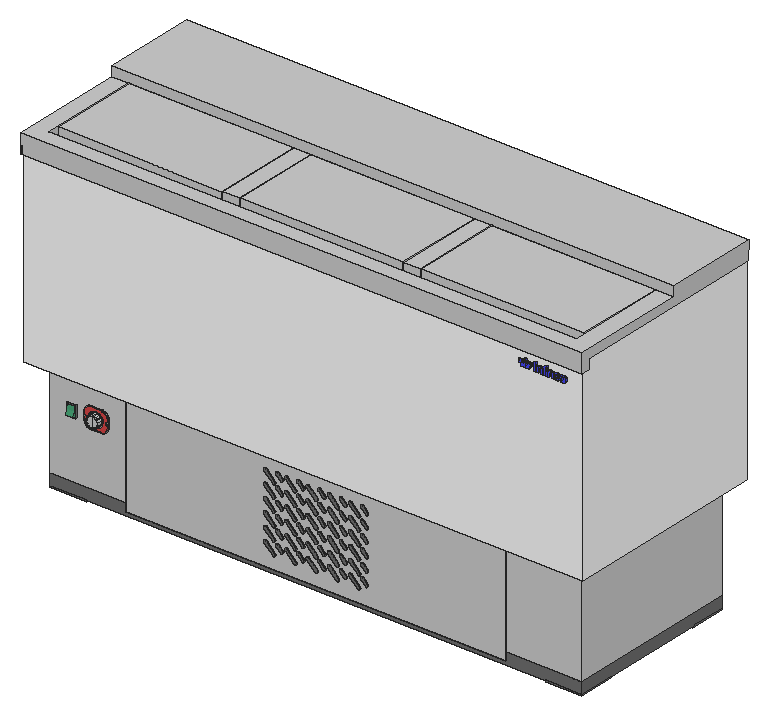
Revit family "QF_INFRICO_EFP1500EG_250806030859", category Specialty Equipment, Revit 2021
Family settings
  Round Connector Dimension = Use Diameter
  Part Type = Normal
  OmniClass Number = 23.40.40.14
  OmniClass Title = Food Service Equipment
  Work Plane-Based = No
  Always vertical = Yes
  Cut with Voids When Loaded = No
  Shared = No
  Room Calculation Point = No
Parameters (values of type "EFP1500EG")
  Weight [instance] = 73.9991 kg
  Waste Water Discharge Temperature [instance] = 0 °C
  Waste Remarks [instance] = ""
  Warranty Start Date [instance] = ""
  Warranty Duration [instance] = ""
  Volts [instance] = 230 V
  Volt Free Conn [instance] = no
  URL Recommended Spares List [instance] = ""
  URL Manufacturer [instance] = ""
  URL Cutsheet [instance] = ""
  URL Critical Spares List [instance] = ""
  URL = "www.infrico.com"
  Technical Documentation [instance] = ""
  Tag Number [instance] = ""
  Status [instance] = ""
  Start Up Current [instance] = 0 A
  Specification by User [instance] = ""
  Specification by Manufacturer [instance] = ""
  Sound Level [instance] = ""
  Show Logo [instance] = yes
  Show Clearances [instance] = yes
  Service Life Duration [instance] = ""
  Serial Number [instance] = ""
  Seismic Rating [instance] = ""
  SMACNA No [instance] = ""
  Revision Code [instance] = ""
  Revision [instance] = ""
  Production Year [instance] = ""
  Potential Equalisation [instance] = no
  Point Load [instance] = 0
  Plumbing Connection Type [instance] = ""
  Phase [instance] = 1
  Other Equipment Approvals [instance] = ""
  Operational Current [instance] = 0 A
  Number of Poles [instance] = 2
  No Load Power Draw [instance] = no
  NAFEM Spec ID Number [instance] = ""
  Model Warning [instance] = ""
  Model = "EFP1500EG"
  Min Ckt Ampacity [instance] = 0 A
  Max Overcurrent Protection [instance] = 0 A
  Masterspec [instance] = ""
  Manufacturer = "INFRICO"
  Main switch integrated [instance] = no
  Length Actual [instance] = 1479.042 mm
  Item Number [instance] = ""
  Installed By [instance] = ""
  Installation Date [instance] = ""
  Indirect Waste Size [instance] = 19.05 mm
  Indirect Waste Remarks [instance] = ""
  Indirect Waste Flow [instance] = 0.0 L/s
  Indirect Waste Connection Type [instance] = ""
  Indirect Waste Connection Height [instance] = 0 mm
  Identify Quantity as Lot [instance] = no
  ID [instance] = ""
  Hygiene Approval [instance] = ""
  Height Actual [instance] = 880.11 mm
  HP power [instance] = ""
  Furnished By [instance] = ""
  Foodservice Equipment Identifier [instance] = no
  FL Amps [instance] = 0 A
  Electrical Remarks [instance] = ""
  Electric power [instance] = 180 W
  Electric Connection Type [instance] = ""
  Elec Conn RI Height [instance] = 0 mm
  Elec Conn Connection Height [instance] = 0 mm
  ETL Approved [instance] = no
  Direct Waste Water Discharge Temperature [instance] = -273.15 °C
  Direct Waste Size [instance] = 19.05 mm
  Direct Waste RI Height [instance] = 0 mm
  Direct Waste Flow [instance] = 0.0 L/s
  Direct Waste Connection Height [instance] = 0 mm
  Description = "CHEST BOTTLE COOLER FLAT BOTTOM - PRE PAINTED STEEL - THREE DOORS - R290"
  Depth Actual [instance] = 549.91 mm
  Default Elevation = 0 mm
  Cycle [instance] = 50 Hz
  Cost = 0
  Connection to energy optimisation system [instance] = yes
  Conn Plug [instance] = ""
  Conn Conduit [instance] = no
  Centralized building control system with digital interface [instance] = ""
  CSI MasterFormat [instance] = ""
  CE Approved [instance] = no
  Barcode [instance] = 0
  Author [instance] = ""
  Asset Identifier [instance] = ""
  Apparent Power [instance] = 180 VA
  Accessory [instance] = no
Reference planes
  plane 1 "Center (Front/Back)": y = 0
  plane 2: z = 0
  plane 3 "Center (Left/Right)": x = 0
Forms (mm)
  Extrusion 1, solid, not visible
    sketch origin (94.005, -271.013, 296.014) x (1, 0, 0) y (0, 1, 0)
      loop
        line (-2, 2) -> (-2, -2) -> (2, -2) -> (2, 2) -> (-2, 2)
    from -2 to 2
  Extrusion 2, solid, not visible
    sketch origin (1319.064, -38.002, 72.004) x (1, 0, 0) y (0, 1, 0)
      loop
        line (-2, 2) -> (-2, -2) -> (2, -2) -> (2, 2) -> (-2, 2)
    from -2 to 2
Dimensions and locks
  locked: nested 2 to Extrusion 1 at 2  (x2)
  locked: nested 3 to Extrusion 2 at 2  (x2)
  aligned and locked: level to plane 2
Nested families
  nested 1: "QF_INFRICO_EFP1500EG_2920" at (0, 0, 0), type "EFP1500EG"
    with Weight 73.9991 kg, Warranty Start Date "", Warranty Duration "", URL Cutsheet "", Technical Documentation "", Tag Number "", Status "", Specification by User "", Specification by Manufacturer "", Sound Level "", Solid Fuel Type "", Show Logo yes, Show Clearances yes, Show Clearance yes, Service Life Duration "", Serial Number "", Seismic Rating "", SMACNA No "", Revision Code "", Revision "", Production Year "", Point Load 0, Other Equipment Approvals "", NAFEM Spec ID Number "", Model Warning "", Masterspec "", Length Actual 1479.042 mm, Item Number "", Installed By "", Installation Date "", Identify Quantity as Lot yes, ID "", Hygiene Approval "", Height Actual 880.11 mm, Furnished By "", Foodservice Equipment Identifier yes, Finish none, ETL Approved yes, Depth Actual 549.91 mm, CSI MasterFormat "", CE Approved no, Barcode "", Author "", Asset Identifier "", Accessory no
  nested 2: "CONN_POINT_DRAIN_2D___Generic_Annotation" at (94.005, -271.013, 294.014), type "CONN_POINT_DRAIN_2D___Generic_Annotation"
    with Onboard connection annotation symbol visibility yes
  nested 3: "CONN_POINT_ELE_2D___Generic_Annotation" at (1319.064, -38.002, 70.003), type "CONN_POINT_ELE_2D___Generic_Annotation"
    with Onboard connection annotation symbol visibility yes
Connectors
  piping at (94.005, -271.013, 294.014), diameter 19.05, driven by "Indirect Waste Size", driven by "Direct Waste Flow"
    settings: on Extrusion 1, index 1, connector inside diameter 609.6 mm, connector length 0 mm, flow factor 0, pipe flow 0.0 L/s, pressure drop 0.0 Pa, fitting loss kfactor 0, connector angle 0.00°, fixture units 0, engagement length 0 mm, angle of deflection 0.00°, flow configuration 1, flow direction 2, fitting loss method 0, system type 16, joint type 0, gender type 0, connector reference index -1, connector utility 0, adjustable connector no, is connector primary yes, connector description "Waste connection for EFP1500EG"
  electrical at (1319.064, -38.002, 70.003), driven by "Apparent Power", driven by "Number of Poles", driven by "Volts"
    settings: on Extrusion 2, index 2, voltage 230 V, apparent load 0 VA, apparent load phase1 180 VA, apparent load phase2 0 VA, apparent load phase3 0 VA, power factor 1, load classification "Other", number of poles 2, system type 31, power factor state 1, is connector primary yes, connector utility no, sub classification motor no, connector description "Electrical connection for EFP1500EG"
Definition of nested family "QF_INFRICO_EFP1500EG_2920"
  Parameters (values of type "EFP1500EG")
    Weight [instance] = 0.00 kg
    Warranty Start Date [instance] = ""
    Warranty Duration [instance] = ""
    URL Cutsheet [instance] = ""
    URL = "www.infrico.com"
    Technical Documentation [instance] = ""
    Tag Number [instance] = ""
    Status [instance] = ""
    Specification by User [instance] = ""
    Specification by Manufacturer [instance] = ""
    Sound Level [instance] = ""
    Solid Fuel Type [instance] = ""
    Show Logo [instance] = yes
    Show Clearances [instance] = yes
    Show Clearance [instance] = yes
    Service Life Duration [instance] = ""
    Serial Number [instance] = ""
    Seismic Rating [instance] = ""
    SMACNA No [instance] = ""
    Revision Code [instance] = ""
    Revision [instance] = ""
    Production Year [instance] = ""
    Point Load [instance] = 0
    Other Equipment Approvals [instance] = ""
    NAFEM Spec ID Number [instance] = ""
    Model Warning [instance] = ""
    Model = "EFP1500EG"
    Masterspec [instance] = ""
    Manufacturer = "INFRICO"
    Length Actual [instance] = 0 mm
    Item Number [instance] = ""
    Installed By [instance] = ""
    Installation Date [instance] = ""
    Identify Quantity as Lot [instance] = yes
    ID [instance] = ""
    Hygiene Approval [instance] = ""
    Height Actual [instance] = 0 mm
    Furnished By [instance] = ""
    Foodservice Equipment Identifier [instance] = yes
    Finish [instance] = none
    ETL Approved [instance] = yes
    Description = "CHEST BOTTLE COOLER FLAT BOTTOM - PRE PAINTED STEEL - THREE DOORS - R290"
    Depth Actual [instance] = 0 mm
    Default Elevation = 0 mm
    CSI MasterFormat [instance] = ""
    CE Approved [instance] = yes
    Barcode [instance] = ""
    Author [instance] = ""
    Asset Identifier [instance] = ""
    Assembly Code = "E1090320"
    Accessory [instance] = yes
  Reference planes
    plane 1 "Back": y = 0
    plane 2: z = 0
    plane 3 "Left": x = 0
    plane 4 "Right": x = 1479
    plane 5 "Front": y = -550
    plane 6 "Top": z = 880
  Forms (mm)
    Extrusion 1, solid
      sketch origin (0, 0, 0) x (0, 1, 0) y (0, 0, 1)
        loop
          line (0, 880) -> (-247, 880) -> (-247, 855) -> (0, 855) -> (0, 880)
      from 0 to 1479
    Extrusion 2, solid
      sketch origin (0, 0, 0) x (1, 0, 0) y (0, 0, 1)
        loop
          line (44, 855) -> (0, 855) -> (0, 830) -> (3, 830) -> (3, 836) -> (44, 836) -> (44, 855)
      from 0 to 510
    Extrusion 3, solid
      sketch origin (1479, 0, 0) x (-1, 0, 0) y (0, 0, -1)
        loop
          line (44, -855) -> (44, -836) -> (3, -836) -> (3, -830) -> (0, -830) -> (0, -855) -> (44, -855)
      from 0 to 510
    Extrusion 4, solid
      sketch origin (0, 0, 0) x (0, 1, 0) y (0, 0, 1)
        loop
          line (-510, 830) -> (-510, 855) -> (-550, 855) -> (-550, 830) -> (-510, 830)
      from 0 to 1479
    Extrusion 5, solid
      sketch origin (3, 0, 0) x (0, 1, 0) y (0, 0, 1)
        loop
          line (-247, 855) -> (-482, 855) -> (-482, 830) -> (-247, 830) -> (-247, 855)
      from 44 to 475
    Extrusion 6, solid
      sketch origin (0, 0, 0) x (0, 1, 0) y (0, 0, 1)
        loop
          line (0, 855) -> (-44, 855) -> (-44, 830) -> (0, 830) -> (0, 855)
      from 44 to 1435
    Extrusion 7, solid
      sketch origin (0, 0, 0) x (1, 0, 0) y (0, 0, 1)
        loop
          line (3, 830) -> (44, 830) -> (44, 836) -> (3, 836) -> (3, 830)
      from 0 to 44
    Extrusion 8, solid
      sketch origin (1432, 0, 0) x (1, 0, 0) y (0, 0, 1)
        loop
          line (3, 830) -> (44, 830) -> (44, 836) -> (3, 836) -> (3, 830)
      from 0 to 44
    Extrusion 9, solid
      sketch origin (3, 0, 0) x (0, 1, 0) y (0, 0, 1)
        loop
          line (-542, 830) -> (-542, 313) -> (-504, 313) -> (-504, 830) -> (-542, 830)
      from 0 to 1473
    Extrusion 10, solid
      sketch origin (3, 0, 0) x (0, 1, 0) y (0, 0, 1)
        loop
          line (-504, 313) -> (0, 313) -> (0, 830) -> (-504, 830) -> (-504, 313)
      from 0 to 1473
    Extrusion 11, solid
      sketch origin (39, 4, 0) x (0, 1, 0) y (0, 0, 1)
        loop
          line (-42, 313) -> (-504, 313) -> (-504, 43) -> (-42, 43) -> (-42, 313)
      from 0 to 200
    Extrusion 12, solid
      sketch origin (1240, 4, 0) x (0, 1, 0) y (0, 0, 1)
        loop
          line (-42, 313) -> (-504, 313) -> (-504, 43) -> (-42, 43) -> (-42, 313)
      from 0 to 200
    Extrusion 13, solid
      sketch origin (0, 4, 0) x (1, 0, 0) y (0, 0, 1)
        loop
          line (239, 313) -> (239, 23) -> (1240, 23) -> (1240, 313) -> (239, 313)
      from 42 to 52
    Extrusion 14, solid
      sketch origin (0, -448, 0) x (1, 0, 0) y (0, 0, 1)
        loop
          line (239, 313) -> (239, 23) -> (1240, 23) -> (1240, 313) -> (239, 313)
      from 42 to 52
    Extrusion 15, solid
      sketch origin (-961, 4, 13) x (1, 0, 0) y (0, 1, 0)
        loop
          line (1000, -42) -> (1000, -504) -> (1200, -504) -> (1200, -474) -> (1030, -474) -> (1030, -72) -> (1200, -72) -> (1200, -42) -> (1000, -42)
      from 0 to 30
    Extrusion 16, solid
      sketch origin (2440, 4, 13) x (-1, 0, 0) y (0, -1, 0)
        loop
          line (1000, 42) -> (1200, 42) -> (1200, 72) -> (1030, 72) -> (1030, 474) -> (1200, 474) -> (1200, 504) -> (1000, 504) -> (1000, 42)
      from 0 to 30
    Extrusion 17, solid
      sketch origin (-1000, 4, 0) x (1, 0, 0) y (0, 1, 0)
        loop
          line (1239, -504) -> (2240, -504) -> (2240, -494) -> (1239, -494) -> (1239, -504)
      from 13 to 23
    Extrusion 18, solid
      sketch origin (-1000, 456, 0) x (1, 0, 0) y (0, 1, 0)
        loop
          line (1239, -504) -> (2240, -504) -> (2240, -494) -> (1239, -494) -> (1239, -504)
      from 13 to 23
    Extrusion 19, solid
      sketch origin (-1000, 4, 0) x (1, 0, 0) y (0, 1, 0)
        loop
          line (1239, -72) -> (2240, -72) -> (2240, -52) -> (1239, -52) -> (1239, -72)
      from 13 to 43
    Extrusion 20, solid
      sketch origin (-1000, -418, 0) x (1, 0, 0) y (0, 1, 0)
        loop
          line (1239, -72) -> (2240, -72) -> (2240, -52) -> (1239, -52) -> (1239, -72)
      from 13 to 43
    Extrusion 21, solid
      sketch origin (39, 4, 10) x (1, 0, 0) y (0, 1, 0)
        loop
          line (0, -42) -> (0, -137) -> (95, -42) -> (0, -42)
      from 0 to 3
    Extrusion 22, solid
      sketch origin (1440, 4, 10) x (-1, 0, 0) y (0, -1, 0)
        loop
          line (0, 42) -> (95, 42) -> (0, 137) -> (0, 42)
      from 0 to 3
    Extrusion 23, solid
      sketch origin (39, -542, 10) x (1, 0, 0) y (0, 1, 0)
        loop
          line (0, 42) -> (95, 42) -> (0, 137) -> (0, 42)
      from 0 to 3
    Extrusion 24, solid
      sketch origin (1440, -542, 10) x (-1, 0, 0) y (0, -1, 0)
        loop
          line (0, -42) -> (0, -137) -> (95, -42) -> (0, -42)
      from 0 to 3
    Revolve 25, solid
      sketch origin (67, 4, 0) x (0, 1, 0) y (0, 0, 1)
        loop
          line (-70, 0) -> (-66, 0)
          arc (-66, 0) -> (-56.372, 2.368) -> (-49, 9) r 20.382
          arc (-49, 9) -> (-48.132, 9.763) -> (-47, 10) r 2.271
          line (-47, 10) -> (-70, 10) -> (-70, 0)
        axis (-70, 0) -> (-70, 10)
      angle from 0 to 360
    Revolve 26, solid
      sketch origin (1412, 4, 0) x (0, 1, 0) y (0, 0, -1)
        loop
          line (-70, 0) -> (-70, -10) -> (-47, -10)
          arc (-47, -10) -> (-48.132, -9.763) -> (-49, -9) r 2.271
          arc (-49, -9) -> (-56.372, -2.368) -> (-66, 0) r 20.382
          line (-66, 0) -> (-70, 0)
        axis (-70, 0) -> (-70, -10)
      angle from 0 to 360
    Revolve 27, solid
      sketch origin (67, -402, 0) x (0, 1, 0) y (0, 0, 1)
        loop
          line (-70, 0) -> (-66, 0)
          arc (-66, 0) -> (-56.372, 2.368) -> (-49, 9) r 20.382
          arc (-49, 9) -> (-48.132, 9.763) -> (-47, 10) r 2.271
          line (-47, 10) -> (-70, 10) -> (-70, 0)
        axis (-70, 0) -> (-70, 10)
      angle from 0 to 360
    Revolve 28, solid
      sketch origin (1412, -402, 0) x (0, 1, 0) y (0, 0, -1)
        loop
          line (-70, 0) -> (-70, -10) -> (-47, -10)
          arc (-47, -10) -> (-48.132, -9.763) -> (-49, -9) r 2.271
          arc (-49, -9) -> (-56.372, -2.368) -> (-66, 0) r 20.382
          line (-66, 0) -> (-70, 0)
        axis (-70, 0) -> (-70, -10)
      angle from 0 to 360
    Extrusion 29, solid, visible <- "Show Logo"
      sketch origin (145.682, -542, 67.214) x (1, 0, 0) y (0, 0, 1)
        loop
          line (1208.799, 696.53) -> (1208.799, 719.204) -> (1204.173, 719.204) -> (1204.173, 696.53) -> (1208.799, 696.53)
        loop
          line (1214.779, 713.006) -> (1211.283, 713.006) -> (1211.283, 696.53) -> (1215.772, 696.53) -> (1215.772, 707.832)
          arc (1215.772, 707.832) -> (1217.528, 708.741) -> (1219.417, 709.324) r 11.052
          arc (1219.417, 709.324) -> (1220.929, 708.961) -> (1221.598, 707.557) r 1.806
          line (1221.598, 707.557) -> (1221.598, 696.53) -> (1226.121, 696.53) -> (1226.121, 708.689)
          arc (1226.121, 708.689) -> (1224.637, 712.075) -> (1221.141, 713.281) r 4.607
          arc (1221.141, 713.281) -> (1218.282, 712.674) -> (1215.669, 711.361) r 11.435
          line (1215.669, 711.361) -> (1215.601, 712.184)
          arc (1215.601, 712.184) -> (1215.36, 712.765) -> (1214.779, 713.006) r 0.822
        loop
          line (1238.557, 720.102) -> (1237.306, 720.102)
          arc (1237.306, 720.102) -> (1235.052, 719.926) -> (1232.881, 719.297) r 11.103
          arc (1232.881, 719.297) -> (1230.805, 717.616) -> (1230.024, 715.062) r 4.567
          line (1230.024, 715.062) -> (1230.024, 712.909) -> (1227.351, 712.703) -> (1227.351, 709.374) -> (1230.024, 709.374) -> (1230.024, 696.53) -> (1234.547, 696.53) -> (1234.547, 709.374) -> (1238.249, 709.374) -> (1238.249, 712.938) -> (1234.547, 712.938) -> (1234.547, 714.548)
          arc (1234.547, 714.548) -> (1234.956, 715.705) -> (1236.045, 716.271) r 1.67
          line (1236.045, 716.271) -> (1237.7, 716.399)
          arc (1237.7, 716.399) -> (1238.306, 716.65) -> (1238.557, 717.255) r 0.857
          line (1238.557, 717.255) -> (1238.557, 720.102)
        loop
          line (1239.479, 713.006) -> (1239.479, 696.53) -> (1243.968, 696.53) -> (1243.968, 707.352)
          arc (1243.968, 707.352) -> (1245.873, 708.631) -> (1248.077, 709.268) r 7.435
          line (1248.077, 709.268) -> (1249.241, 709.416)
          arc (1249.241, 709.416) -> (1249.643, 709.758) -> (1249.793, 710.265) r 0.928
          line (1249.793, 710.265) -> (1249.793, 712.458)
          arc (1249.793, 712.458) -> (1249.531, 713.061) -> (1248.912, 713.28) r 0.824
          arc (1248.912, 713.28) -> (1246.197, 712.588) -> (1243.899, 710.984) r 7.833
          line (1243.899, 710.984) -> (1243.726, 713.006) -> (1239.479, 713.006)
        loop
          line (1255.495, 696.53) -> (1255.495, 713.006) -> (1251.006, 713.006) -> (1251.006, 696.53) -> (1255.495, 696.53)
        loop
          arc (1257.421, 701.327) -> (1258.567, 698.188) -> (1261.466, 696.525) r 4.873
          arc (1261.466, 696.525) -> (1264.493, 696.266) -> (1267.521, 696.525) r 17.816
          arc (1267.521, 696.525) -> (1270.575, 699.134) -> (1271.505, 703.041) r 6.481
          line (1271.505, 703.041) -> (1267.187, 703.041) -> (1267.187, 701.67)
          arc (1267.187, 701.67) -> (1266.64, 700.452) -> (1265.442, 699.865) r 1.965
          arc (1265.442, 699.865) -> (1264.547, 699.816) -> (1263.653, 699.865) r 8.196
          arc (1263.653, 699.865) -> (1262.417, 700.415) -> (1261.91, 701.67) r 1.806
          line (1261.91, 701.67) -> (1261.91, 707.9)
          arc (1261.91, 707.9) -> (1262.417, 709.155) -> (1263.653, 709.705) r 1.806
          arc (1263.653, 709.705) -> (1264.547, 709.754) -> (1265.442, 709.705) r 8.196
          arc (1265.442, 709.705) -> (1266.64, 709.118) -> (1267.187, 707.9) r 1.965
          line (1267.187, 707.9) -> (1267.187, 706.838) -> (1271.505, 706.838)
          arc (1271.505, 706.838) -> (1270.524, 710.556) -> (1267.521, 712.959) r 6.132
          arc (1267.521, 712.959) -> (1264.493, 713.294) -> (1261.466, 712.959) r 13.851
          arc (1261.466, 712.959) -> (1258.571, 711.349) -> (1257.421, 708.243) r 4.772
          line (1257.421, 708.243) -> (1257.421, 701.327)
        loop
          arc (1272.916, 701.329) -> (1273.993, 698.345) -> (1276.726, 696.734) r 4.676
          arc (1276.726, 696.734) -> (1278.515, 696.455) -> (1280.318, 696.291) r 28.371
          arc (1280.318, 696.291) -> (1282.122, 696.455) -> (1283.911, 696.734) r 28.371
          arc (1283.911, 696.734) -> (1286.644, 698.345) -> (1287.72, 701.329) r 4.676
          line (1287.72, 701.329) -> (1287.72, 708.242)
          arc (1287.72, 708.242) -> (1286.644, 711.226) -> (1283.911, 712.837) r 4.676
          arc (1283.911, 712.837) -> (1282.122, 713.116) -> (1280.318, 713.28) r 28.371
          arc (1280.318, 713.28) -> (1278.515, 713.116) -> (1276.726, 712.837) r 28.371
          arc (1276.726, 712.837) -> (1273.993, 711.226) -> (1272.916, 708.242) r 4.676
          line (1272.916, 708.242) -> (1272.916, 701.329)
        loop
          line (1277.405, 707.866) -> (1277.405, 701.705)
          arc (1277.405, 701.705) -> (1277.844, 700.556) -> (1278.936, 699.991) r 1.725
          arc (1278.936, 699.991) -> (1279.627, 699.918) -> (1280.318, 699.856) r 46.133
          arc (1280.318, 699.856) -> (1281.01, 699.918) -> (1281.701, 699.991) r 46.133
          arc (1281.701, 699.991) -> (1282.793, 700.556) -> (1283.231, 701.705) r 1.725
          line (1283.231, 701.705) -> (1283.231, 707.866)
          arc (1283.231, 707.866) -> (1282.793, 709.015) -> (1281.701, 709.58) r 1.725
          arc (1281.701, 709.58) -> (1281.01, 709.653) -> (1280.318, 709.716) r 46.133
          arc (1280.318, 709.716) -> (1279.627, 709.653) -> (1278.936, 709.58) r 46.133
          arc (1278.936, 709.58) -> (1277.844, 709.015) -> (1277.405, 707.866) r 1.725
        loop
          arc (1190.339, 696.543) -> (1191.411, 696.987) -> (1191.856, 698.059) r 1.516
          line (1191.856, 698.059) -> (1191.856, 703.891) -> (1196.035, 703.891)
          arc (1196.035, 703.891) -> (1196.79, 704.121) -> (1197.218, 704.782) r 1.147
          line (1197.218, 704.782) -> (1197.218, 706.211)
          arc (1197.218, 706.211) -> (1196.787, 707.258) -> (1195.719, 707.634) r 1.385
          line (1195.719, 707.634) -> (1194.52, 707.634) -> (1197.218, 710.332)
          arc (1197.218, 710.332) -> (1197.605, 711.266) -> (1197.218, 712.2) r 1.321
          line (1197.218, 712.2) -> (1196.495, 712.923)
          arc (1196.495, 712.923) -> (1195.54, 713.338) -> (1194.558, 712.991) r 1.422
          line (1194.558, 712.991) -> (1191.853, 710.286) -> (1191.853, 711.479)
          arc (1191.853, 711.479) -> (1191.443, 712.516) -> (1190.435, 712.992) r 1.516
          line (1190.435, 712.992) -> (1189.514, 712.992)
          arc (1189.514, 712.992) -> (1188.511, 712.514) -> (1188.103, 711.479) r 1.516
          line (1188.103, 711.479) -> (1188.103, 706.83) -> (1182.073, 701.336) -> (1182.073, 707.509) -> (1185.639, 711.075)
          arc (1185.639, 711.075) -> (1186.053, 712.073) -> (1185.639, 713.071) r 1.412
          line (1185.639, 713.071) -> (1184.987, 713.723)
          arc (1184.987, 713.723) -> (1183.939, 714.141) -> (1182.915, 713.667) r 1.428
          line (1182.915, 713.667) -> (1182.073, 712.825) -> (1182.073, 717.784)
          arc (1182.073, 717.784) -> (1181.658, 718.787) -> (1180.655, 719.203) r 1.418
          line (1180.655, 719.203) -> (1179.726, 719.203)
          arc (1179.726, 719.203) -> (1178.723, 718.787) -> (1178.308, 717.784) r 1.418
          line (1178.308, 717.784) -> (1178.308, 712.825) -> (1177.466, 713.667)
          arc (1177.466, 713.667) -> (1176.442, 714.141) -> (1175.394, 713.723) r 1.428
          line (1175.394, 713.723) -> (1174.742, 713.071)
          arc (1174.742, 713.071) -> (1174.328, 712.073) -> (1174.742, 711.075) r 1.412
          line (1174.742, 711.075) -> (1178.308, 707.509) -> (1178.308, 701.336) -> (1172.278, 706.83) -> (1172.278, 711.479)
          arc (1172.278, 711.479) -> (1171.87, 712.514) -> (1170.867, 712.992) r 1.516
          line (1170.867, 712.992) -> (1169.946, 712.992)
          arc (1169.946, 712.992) -> (1168.938, 712.516) -> (1168.528, 711.479) r 1.516
          line (1168.528, 711.479) -> (1168.528, 710.286) -> (1165.823, 712.991)
          arc (1165.823, 712.991) -> (1164.841, 713.338) -> (1163.886, 712.923) r 1.422
          line (1163.886, 712.923) -> (1163.163, 712.2)
          arc (1163.163, 712.2) -> (1162.776, 711.266) -> (1163.163, 710.332) r 1.321
          line (1163.163, 710.332) -> (1165.861, 707.634) -> (1164.662, 707.634)
          arc (1164.662, 707.634) -> (1163.594, 707.258) -> (1163.163, 706.211) r 1.385
          line (1163.163, 706.211) -> (1163.163, 704.782)
          arc (1163.163, 704.782) -> (1163.591, 704.121) -> (1164.346, 703.891) r 1.147
          line (1164.346, 703.891) -> (1168.525, 703.891) -> (1168.525, 698.059)
          arc (1168.525, 698.059) -> (1168.969, 696.987) -> (1170.042, 696.543) r 1.516
          line (1170.042, 696.543) -> (1190.339, 696.543)
      from 0 to 2
    Extrusion 30, solid
      sketch origin (106, -500, 1257.457) x (0, -1, 0) y (0, 0, 1)
        loop
          line (0, -1056.457) -> (2, -1056.457)
          arc (2, -1056.457) -> (5.042, -1056.207) -> (8.002, -1055.466) r 18.678
          arc (8.002, -1055.466) -> (4.242, -1043.724) -> (3, -1031.457) r 59.104
          line (3, -1031.457) -> (0, -1031.457) -> (0, -1056.457)
      from 0 to 19
    Extrusion 31, solid
      sketch origin (106, -502, 1257.457) x (-1, 0, 0) y (0, 0, 1)
        loop
          line (22, -1028.457) -> (-3, -1028.457) -> (-3, -1059.457) -> (22, -1059.457) -> (22, -1028.457)
      from 0 to 2
    Extrusion 32, solid
      sketch origin (-20.187, -500, 114.047) x (1, 0, 0) y (0, 0, 1)
        loop
          line (169.187, 71.953) -> (194.187, 71.953)
          arc (194.187, 71.953) -> (208.329, 77.811) -> (214.187, 91.953) r 20
          line (214.187, 91.953) -> (214.187, 106.953)
          arc (214.187, 106.953) -> (208.329, 121.095) -> (194.187, 126.953) r 20
          line (194.187, 126.953) -> (169.187, 126.953)
          arc (169.187, 126.953) -> (155.045, 121.095) -> (149.187, 106.953) r 20
          line (149.187, 106.953) -> (149.187, 91.953)
          arc (149.187, 91.953) -> (155.045, 77.811) -> (169.187, 71.953) r 20
      from 0 to 2
    Extrusion 33, solid
      sketch origin (-20.187, -500.1, 114.047) x (1, 0, 0) y (0, 0, 1)
        loop
          arc (169.187, 124.953) -> (156.459, 119.681) -> (151.187, 106.953) r 18
          line (151.187, 106.953) -> (151.187, 103.953)
          arc (151.187, 103.953) -> (155.687, 99.453) -> (151.187, 94.953) r 4.5
          line (151.187, 94.953) -> (151.187, 91.953)
          arc (151.187, 91.953) -> (156.459, 79.225) -> (169.187, 73.953) r 18
          line (169.187, 73.953) -> (194.187, 73.953)
          arc (194.187, 73.953) -> (206.915, 79.225) -> (212.187, 91.953) r 18
          line (212.187, 91.953) -> (212.187, 94.953)
          arc (212.187, 94.953) -> (207.687, 99.453) -> (212.187, 103.953) r 4.5
          line (212.187, 103.953) -> (212.187, 106.953)
          arc (212.187, 106.953) -> (206.915, 119.681) -> (194.187, 124.953) r 18
          line (194.187, 124.953) -> (169.187, 124.953)
        loop
          circle (181.687, 99.453) r 20
      from 0 to 2
    Revolve 34, solid
      sketch origin (161.5, 4, 91.547) x (0, 1, 0) y (0, 0, 1)
        loop
          line (-506, 126.953) -> (-508, 126.953) -> (-508, 137.953) -> (-519, 135.953) -> (-519, 121.953) -> (-506, 121.953) -> (-506, 126.953)
        axis (-506, 121.953) -> (-519, 121.953)
      angle from 0 to 360
    Extrusion 35, solid
      sketch origin (-13.5, 4, 14.5) x (1, 0, 0) y (0, 0, 1)
        loop
          arc (172.5, 212.775) -> (175, 213) -> (177.5, 212.775) r 14
          line (177.5, 212.775) -> (177.5, 214.803)
          arc (177.5, 214.803) -> (175, 215) -> (172.5, 214.803) r 16
          line (172.5, 214.803) -> (172.5, 212.775)
        loop
          line (172.5, 185.225) -> (172.5, 183.197)
          arc (172.5, 183.197) -> (175, 183) -> (177.5, 183.197) r 16
          line (177.5, 183.197) -> (177.5, 185.225)
          arc (177.5, 185.225) -> (175, 185) -> (172.5, 185.225) r 14
        loop
          arc (161.225, 196.5) -> (161, 199) -> (161.225, 201.5) r 14
          line (161.225, 201.5) -> (159.197, 201.5)
          arc (159.197, 201.5) -> (159, 199) -> (159.197, 196.5) r 16
          line (159.197, 196.5) -> (161.225, 196.5)
        loop
          line (188.775, 196.5) -> (190.803, 196.5)
          arc (190.803, 196.5) -> (191, 199) -> (190.803, 201.5) r 16
          line (190.803, 201.5) -> (188.775, 201.5)
          arc (188.775, 201.5) -> (189, 199) -> (188.775, 196.5) r 14
        loop
          arc (182.973, 210.508) -> (184.899, 208.899) -> (186.508, 206.973) r 14
          line (186.508, 206.973) -> (187.943, 208.407)
          arc (187.943, 208.407) -> (186.314, 210.314) -> (184.407, 211.943) r 16
          line (184.407, 211.943) -> (182.973, 210.508)
        loop
          line (163.492, 191.027) -> (162.057, 189.593)
          arc (162.057, 189.593) -> (163.686, 187.686) -> (165.593, 186.057) r 16
          line (165.593, 186.057) -> (167.027, 187.492)
          arc (167.027, 187.492) -> (165.101, 189.101) -> (163.492, 191.027) r 14
        loop
          arc (163.492, 206.973) -> (165.101, 208.899) -> (167.027, 210.508) r 14
          line (167.027, 210.508) -> (165.593, 211.943)
          arc (165.593, 211.943) -> (163.686, 210.314) -> (162.057, 208.407) r 16
          line (162.057, 208.407) -> (163.492, 206.973)
        loop
          line (182.973, 187.492) -> (184.407, 186.057)
          arc (184.407, 186.057) -> (186.314, 187.686) -> (187.943, 189.593) r 16
          line (187.943, 189.593) -> (186.508, 191.027)
          arc (186.508, 191.027) -> (184.899, 189.101) -> (182.973, 187.492) r 14
      from 508 to 519
    Extrusion 36, solid
      sketch origin (1813.844, -500.1, 72.143) x (-1, 0, 0) y (0, 0, 1)
        loop
          line (1188.944, -17.063) -> (1210.865, 4.857)
          arc (1210.865, 4.857) -> (1210.865, 11.221) -> (1204.501, 11.221) r 4.5
          line (1204.501, 11.221) -> (1182.58, -10.699)
          arc (1182.58, -10.699) -> (1182.58, -17.063) -> (1188.944, -17.063) r 4.5
        loop
          line (1168.187, -4.093) -> (1179.501, 7.221)
          arc (1179.501, 7.221) -> (1179.501, 13.585) -> (1173.137, 13.585) r 4.5
          line (1173.137, 13.585) -> (1161.823, 2.271)
          arc (1161.823, 2.271) -> (1161.823, -4.093) -> (1168.187, -4.093) r 4.5
        loop
          line (1188.944, 16.937) -> (1210.865, 38.857)
          arc (1210.865, 38.857) -> (1210.865, 45.221) -> (1204.501, 45.221) r 4.5
          line (1204.501, 45.221) -> (1182.58, 23.301)
          arc (1182.58, 23.301) -> (1182.58, 16.937) -> (1188.944, 16.937) r 4.5
        loop
          line (1168.187, 29.907) -> (1179.501, 41.221)
          arc (1179.501, 41.221) -> (1179.501, 47.585) -> (1173.137, 47.585) r 4.5
          line (1173.137, 47.585) -> (1161.823, 36.271)
          arc (1161.823, 36.271) -> (1161.823, 29.907) -> (1168.187, 29.907) r 4.5
        loop
          line (1188.944, 50.937) -> (1210.865, 72.857)
          arc (1210.865, 72.857) -> (1210.865, 79.221) -> (1204.501, 79.221) r 4.5
          line (1204.501, 79.221) -> (1182.58, 57.301)
          arc (1182.58, 57.301) -> (1182.58, 50.937) -> (1188.944, 50.937) r 4.5
        loop
          line (1168.187, 63.907) -> (1179.501, 75.221)
          arc (1179.501, 75.221) -> (1179.501, 81.585) -> (1173.137, 81.585) r 4.5
          line (1173.137, 81.585) -> (1161.823, 70.271)
          arc (1161.823, 70.271) -> (1161.823, 63.907) -> (1168.187, 63.907) r 4.5
        loop
          line (1188.944, 84.937) -> (1210.865, 106.857)
          arc (1210.865, 106.857) -> (1210.865, 113.221) -> (1204.501, 113.221) r 4.5
          line (1204.501, 113.221) -> (1182.58, 91.301)
          arc (1182.58, 91.301) -> (1182.58, 84.937) -> (1188.944, 84.937) r 4.5
        loop
          line (1168.187, 97.907) -> (1179.501, 109.221)
          arc (1179.501, 109.221) -> (1179.501, 115.585) -> (1173.137, 115.585) r 4.5
          line (1173.137, 115.585) -> (1161.823, 104.271)
          arc (1161.823, 104.271) -> (1161.823, 97.907) -> (1168.187, 97.907) r 4.5
        loop
          line (1188.944, 118.937) -> (1210.865, 140.857)
          arc (1210.865, 140.857) -> (1210.865, 147.221) -> (1204.501, 147.221) r 4.5
          line (1204.501, 147.221) -> (1182.58, 125.301)
          arc (1182.58, 125.301) -> (1182.58, 118.937) -> (1188.944, 118.937) r 4.5
        loop
          line (1168.187, 131.907) -> (1179.501, 143.221)
          arc (1179.501, 143.221) -> (1179.501, 149.585) -> (1173.137, 149.585) r 4.5
          line (1173.137, 149.585) -> (1161.823, 138.271)
          arc (1161.823, 138.271) -> (1161.823, 131.907) -> (1168.187, 131.907) r 4.5
        loop
          line (1188.944, 152.937) -> (1210.865, 174.857)
          arc (1210.865, 174.857) -> (1210.865, 181.221) -> (1204.501, 181.221) r 4.5
          line (1204.501, 181.221) -> (1182.58, 159.301)
          arc (1182.58, 159.301) -> (1182.58, 152.937) -> (1188.944, 152.937) r 4.5
        loop
          line (1168.187, 165.907) -> (1179.501, 177.221)
          arc (1179.501, 177.221) -> (1179.501, 183.585) -> (1173.137, 183.585) r 4.5
          line (1173.137, 183.585) -> (1161.823, 172.271)
          arc (1161.823, 172.271) -> (1161.823, 165.907) -> (1168.187, 165.907) r 4.5
        loop
          line (1132.944, -17.063) -> (1154.865, 4.857)
          arc (1154.865, 4.857) -> (1154.865, 11.221) -> (1148.501, 11.221) r 4.5
          line (1148.501, 11.221) -> (1126.58, -10.699)
          arc (1126.58, -10.699) -> (1126.58, -17.063) -> (1132.944, -17.063) r 4.5
        loop
          line (1112.187, -4.093) -> (1123.501, 7.221)
          arc (1123.501, 7.221) -> (1123.501, 13.585) -> (1117.137, 13.585) r 4.5
          line (1117.137, 13.585) -> (1105.823, 2.271)
          arc (1105.823, 2.271) -> (1105.823, -4.093) -> (1112.187, -4.093) r 4.5
        loop
          line (1132.944, 16.937) -> (1154.865, 38.857)
          arc (1154.865, 38.857) -> (1154.865, 45.221) -> (1148.501, 45.221) r 4.5
          line (1148.501, 45.221) -> (1126.58, 23.301)
          arc (1126.58, 23.301) -> (1126.58, 16.937) -> (1132.944, 16.937) r 4.5
        loop
          line (1112.187, 29.907) -> (1123.501, 41.221)
          arc (1123.501, 41.221) -> (1123.501, 47.585) -> (1117.137, 47.585) r 4.5
          line (1117.137, 47.585) -> (1105.823, 36.271)
          arc (1105.823, 36.271) -> (1105.823, 29.907) -> (1112.187, 29.907) r 4.5
        loop
          line (1132.944, 50.937) -> (1154.865, 72.857)
          arc (1154.865, 72.857) -> (1154.865, 79.221) -> (1148.501, 79.221) r 4.5
          line (1148.501, 79.221) -> (1126.58, 57.301)
          arc (1126.58, 57.301) -> (1126.58, 50.937) -> (1132.944, 50.937) r 4.5
        loop
          line (1112.187, 63.907) -> (1123.501, 75.221)
          arc (1123.501, 75.221) -> (1123.501, 81.585) -> (1117.137, 81.585) r 4.5
          line (1117.137, 81.585) -> (1105.823, 70.271)
          arc (1105.823, 70.271) -> (1105.823, 63.907) -> (1112.187, 63.907) r 4.5
        loop
          line (1132.944, 84.937) -> (1154.865, 106.857)
          arc (1154.865, 106.857) -> (1154.865, 113.221) -> (1148.501, 113.221) r 4.5
          line (1148.501, 113.221) -> (1126.58, 91.301)
          arc (1126.58, 91.301) -> (1126.58, 84.937) -> (1132.944, 84.937) r 4.5
        loop
          line (1112.187, 97.907) -> (1123.501, 109.221)
          arc (1123.501, 109.221) -> (1123.501, 115.585) -> (1117.137, 115.585) r 4.5
          line (1117.137, 115.585) -> (1105.823, 104.271)
          arc (1105.823, 104.271) -> (1105.823, 97.907) -> (1112.187, 97.907) r 4.5
        loop
          line (1132.944, 118.937) -> (1154.865, 140.857)
          arc (1154.865, 140.857) -> (1154.865, 147.221) -> (1148.501, 147.221) r 4.5
          line (1148.501, 147.221) -> (1126.58, 125.301)
          arc (1126.58, 125.301) -> (1126.58, 118.937) -> (1132.944, 118.937) r 4.5
        loop
          line (1112.187, 131.907) -> (1123.501, 143.221)
          arc (1123.501, 143.221) -> (1123.501, 149.585) -> (1117.137, 149.585) r 4.5
          line (1117.137, 149.585) -> (1105.823, 138.271)
          arc (1105.823, 138.271) -> (1105.823, 131.907) -> (1112.187, 131.907) r 4.5
        loop
          line (1132.944, 152.937) -> (1154.865, 174.857)
          arc (1154.865, 174.857) -> (1154.865, 181.221) -> (1148.501, 181.221) r 4.5
          line (1148.501, 181.221) -> (1126.58, 159.301)
          arc (1126.58, 159.301) -> (1126.58, 152.937) -> (1132.944, 152.937) r 4.5
        loop
          line (1112.187, 165.907) -> (1123.501, 177.221)
          arc (1123.501, 177.221) -> (1123.501, 183.585) -> (1117.137, 183.585) r 4.5
          line (1117.137, 183.585) -> (1105.823, 172.271)
          arc (1105.823, 172.271) -> (1105.823, 165.907) -> (1112.187, 165.907) r 4.5
        loop
          line (1076.944, -17.063) -> (1098.865, 4.857)
          arc (1098.865, 4.857) -> (1098.865, 11.221) -> (1092.501, 11.221) r 4.5
          line (1092.501, 11.221) -> (1070.58, -10.699)
          arc (1070.58, -10.699) -> (1070.58, -17.063) -> (1076.944, -17.063) r 4.5
        loop
          line (1056.187, -4.093) -> (1067.501, 7.221)
          arc (1067.501, 7.221) -> (1067.501, 13.585) -> (1061.137, 13.585) r 4.5
          line (1061.137, 13.585) -> (1049.823, 2.271)
          arc (1049.823, 2.271) -> (1049.823, -4.093) -> (1056.187, -4.093) r 4.5
        loop
          line (1076.944, 16.937) -> (1098.865, 38.857)
          arc (1098.865, 38.857) -> (1098.865, 45.221) -> (1092.501, 45.221) r 4.5
          line (1092.501, 45.221) -> (1070.58, 23.301)
          arc (1070.58, 23.301) -> (1070.58, 16.937) -> (1076.944, 16.937) r 4.5
        loop
          line (1056.187, 29.907) -> (1067.501, 41.221)
          arc (1067.501, 41.221) -> (1067.501, 47.585) -> (1061.137, 47.585) r 4.5
          line (1061.137, 47.585) -> (1049.823, 36.271)
          arc (1049.823, 36.271) -> (1049.823, 29.907) -> (1056.187, 29.907) r 4.5
        loop
          line (1076.944, 50.937) -> (1098.865, 72.857)
          arc (1098.865, 72.857) -> (1098.865, 79.221) -> (1092.501, 79.221) r 4.5
          line (1092.501, 79.221) -> (1070.58, 57.301)
          arc (1070.58, 57.301) -> (1070.58, 50.937) -> (1076.944, 50.937) r 4.5
        loop
          line (1056.187, 63.907) -> (1067.501, 75.221)
          arc (1067.501, 75.221) -> (1067.501, 81.585) -> (1061.137, 81.585) r 4.5
          line (1061.137, 81.585) -> (1049.823, 70.271)
          arc (1049.823, 70.271) -> (1049.823, 63.907) -> (1056.187, 63.907) r 4.5
        loop
          line (1076.944, 84.937) -> (1098.865, 106.857)
          arc (1098.865, 106.857) -> (1098.865, 113.221) -> (1092.501, 113.221) r 4.5
          line (1092.501, 113.221) -> (1070.58, 91.301)
          arc (1070.58, 91.301) -> (1070.58, 84.937) -> (1076.944, 84.937) r 4.5
        loop
          line (1056.187, 97.907) -> (1067.501, 109.221)
          arc (1067.501, 109.221) -> (1067.501, 115.585) -> (1061.137, 115.585) r 4.5
          line (1061.137, 115.585) -> (1049.823, 104.271)
          arc (1049.823, 104.271) -> (1049.823, 97.907) -> (1056.187, 97.907) r 4.5
        loop
          line (1076.944, 118.937) -> (1098.865, 140.857)
          arc (1098.865, 140.857) -> (1098.865, 147.221) -> (1092.501, 147.221) r 4.5
          line (1092.501, 147.221) -> (1070.58, 125.301)
          arc (1070.58, 125.301) -> (1070.58, 118.937) -> (1076.944, 118.937) r 4.5
        loop
          line (1056.187, 131.907) -> (1067.501, 143.221)
          arc (1067.501, 143.221) -> (1067.501, 149.585) -> (1061.137, 149.585) r 4.5
          line (1061.137, 149.585) -> (1049.823, 138.271)
          arc (1049.823, 138.271) -> (1049.823, 131.907) -> (1056.187, 131.907) r 4.5
        loop
          line (1076.944, 152.937) -> (1098.865, 174.857)
          arc (1098.865, 174.857) -> (1098.865, 181.221) -> (1092.501, 181.221) r 4.5
          line (1092.501, 181.221) -> (1070.58, 159.301)
          arc (1070.58, 159.301) -> (1070.58, 152.937) -> (1076.944, 152.937) r 4.5
        loop
          line (1056.187, 165.907) -> (1067.501, 177.221)
          arc (1067.501, 177.221) -> (1067.501, 183.585) -> (1061.137, 183.585) r 4.5
          line (1061.137, 183.585) -> (1049.823, 172.271)
          arc (1049.823, 172.271) -> (1049.823, 165.907) -> (1056.187, 165.907) r 4.5
        loop
          line (1020.944, -17.063) -> (1042.865, 4.857)
          arc (1042.865, 4.857) -> (1042.865, 11.221) -> (1036.501, 11.221) r 4.5
          line (1036.501, 11.221) -> (1014.58, -10.699)
          arc (1014.58, -10.699) -> (1014.58, -17.063) -> (1020.944, -17.063) r 4.5
        loop
          line (1000.187, -4.093) -> (1011.501, 7.221)
          arc (1011.501, 7.221) -> (1011.501, 13.585) -> (1005.137, 13.585) r 4.5
          line (1005.137, 13.585) -> (993.823, 2.271)
          arc (993.823, 2.271) -> (993.823, -4.093) -> (1000.187, -4.093) r 4.5
        loop
          line (1020.944, 16.937) -> (1042.865, 38.857)
          arc (1042.865, 38.857) -> (1042.865, 45.221) -> (1036.501, 45.221) r 4.5
          line (1036.501, 45.221) -> (1014.58, 23.301)
          arc (1014.58, 23.301) -> (1014.58, 16.937) -> (1020.944, 16.937) r 4.5
        loop
          line (1000.187, 29.907) -> (1011.501, 41.221)
          arc (1011.501, 41.221) -> (1011.501, 47.585) -> (1005.137, 47.585) r 4.5
          line (1005.137, 47.585) -> (993.823, 36.271)
          arc (993.823, 36.271) -> (993.823, 29.907) -> (1000.187, 29.907) r 4.5
        loop
          line (1020.944, 50.937) -> (1042.865, 72.857)
          arc (1042.865, 72.857) -> (1042.865, 79.221) -> (1036.501, 79.221) r 4.5
          line (1036.501, 79.221) -> (1014.58, 57.301)
          arc (1014.58, 57.301) -> (1014.58, 50.937) -> (1020.944, 50.937) r 4.5
        loop
          line (1000.187, 63.907) -> (1011.501, 75.221)
          arc (1011.501, 75.221) -> (1011.501, 81.585) -> (1005.137, 81.585) r 4.5
          line (1005.137, 81.585) -> (993.823, 70.271)
          arc (993.823, 70.271) -> (993.823, 63.907) -> (1000.187, 63.907) r 4.5
        loop
          line (1020.944, 84.937) -> (1042.865, 106.857)
          arc (1042.865, 106.857) -> (1042.865, 113.221) -> (1036.501, 113.221) r 4.5
          line (1036.501, 113.221) -> (1014.58, 91.301)
          arc (1014.58, 91.301) -> (1014.58, 84.937) -> (1020.944, 84.937) r 4.5
        loop
          line (1000.187, 97.907) -> (1011.501, 109.221)
          arc (1011.501, 109.221) -> (1011.501, 115.585) -> (1005.137, 115.585) r 4.5
          line (1005.137, 115.585) -> (993.823, 104.271)
          arc (993.823, 104.271) -> (993.823, 97.907) -> (1000.187, 97.907) r 4.5
        loop
          line (1020.944, 118.937) -> (1042.865, 140.857)
          arc (1042.865, 140.857) -> (1042.865, 147.221) -> (1036.501, 147.221) r 4.5
          line (1036.501, 147.221) -> (1014.58, 125.301)
          arc (1014.58, 125.301) -> (1014.58, 118.937) -> (1020.944, 118.937) r 4.5
        loop
          line (1000.187, 131.907) -> (1011.501, 143.221)
          arc (1011.501, 143.221) -> (1011.501, 149.585) -> (1005.137, 149.585) r 4.5
          line (1005.137, 149.585) -> (993.823, 138.271)
          arc (993.823, 138.271) -> (993.823, 131.907) -> (1000.187, 131.907) r 4.5
        loop
          line (1020.944, 152.937) -> (1042.865, 174.857)
          arc (1042.865, 174.857) -> (1042.865, 181.221) -> (1036.501, 181.221) r 4.5
          line (1036.501, 181.221) -> (1014.58, 159.301)
          arc (1014.58, 159.301) -> (1014.58, 152.937) -> (1020.944, 152.937) r 4.5
        loop
          line (1000.187, 165.907) -> (1011.501, 177.221)
          arc (1011.501, 177.221) -> (1011.501, 183.585) -> (1005.137, 183.585) r 4.5
          line (1005.137, 183.585) -> (993.823, 172.271)
          arc (993.823, 172.271) -> (993.823, 165.907) -> (1000.187, 165.907) r 4.5
        loop
          line (964.944, -17.063) -> (986.865, 4.857)
          arc (986.865, 4.857) -> (986.865, 11.221) -> (980.501, 11.221) r 4.5
          line (980.501, 11.221) -> (958.58, -10.699)
          arc (958.58, -10.699) -> (958.58, -17.063) -> (964.944, -17.063) r 4.5
        loop
          line (944.187, -4.093) -> (955.501, 7.221)
          arc (955.501, 7.221) -> (955.501, 13.585) -> (949.137, 13.585) r 4.5
          line (949.137, 13.585) -> (937.823, 2.271)
          arc (937.823, 2.271) -> (937.823, -4.093) -> (944.187, -4.093) r 4.5
        loop
          line (964.944, 16.937) -> (986.865, 38.857)
          arc (986.865, 38.857) -> (986.865, 45.221) -> (980.501, 45.221) r 4.5
          line (980.501, 45.221) -> (958.58, 23.301)
          arc (958.58, 23.301) -> (958.58, 16.937) -> (964.944, 16.937) r 4.5
        loop
          line (944.187, 29.907) -> (955.501, 41.221)
          arc (955.501, 41.221) -> (955.501, 47.585) -> (949.137, 47.585) r 4.5
          line (949.137, 47.585) -> (937.823, 36.271)
          arc (937.823, 36.271) -> (937.823, 29.907) -> (944.187, 29.907) r 4.5
        loop
          line (964.944, 50.937) -> (986.865, 72.857)
          arc (986.865, 72.857) -> (986.865, 79.221) -> (980.501, 79.221) r 4.5
          line (980.501, 79.221) -> (958.58, 57.301)
          arc (958.58, 57.301) -> (958.58, 50.937) -> (964.944, 50.937) r 4.5
        loop
          line (944.187, 63.907) -> (955.501, 75.221)
          arc (955.501, 75.221) -> (955.501, 81.585) -> (949.137, 81.585) r 4.5
          line (949.137, 81.585) -> (937.823, 70.271)
          arc (937.823, 70.271) -> (937.823, 63.907) -> (944.187, 63.907) r 4.5
        loop
          line (964.944, 84.937) -> (986.865, 106.857)
          arc (986.865, 106.857) -> (986.865, 113.221) -> (980.501, 113.221) r 4.5
          line (980.501, 113.221) -> (958.58, 91.301)
          arc (958.58, 91.301) -> (958.58, 84.937) -> (964.944, 84.937) r 4.5
        loop
          line (944.187, 97.907) -> (955.501, 109.221)
          arc (955.501, 109.221) -> (955.501, 115.585) -> (949.137, 115.585) r 4.5
          line (949.137, 115.585) -> (937.823, 104.271)
          arc (937.823, 104.271) -> (937.823, 97.907) -> (944.187, 97.907) r 4.5
        loop
          line (964.944, 118.937) -> (986.865, 140.857)
          arc (986.865, 140.857) -> (986.865, 147.221) -> (980.501, 147.221) r 4.5
          line (980.501, 147.221) -> (958.58, 125.301)
          arc (958.58, 125.301) -> (958.58, 118.937) -> (964.944, 118.937) r 4.5
        loop
          line (944.187, 131.907) -> (955.501, 143.221)
          arc (955.501, 143.221) -> (955.501, 149.585) -> (949.137, 149.585) r 4.5
          line (949.137, 149.585) -> (937.823, 138.271)
          arc (937.823, 138.271) -> (937.823, 131.907) -> (944.187, 131.907) r 4.5
        loop
          line (964.944, 152.937) -> (986.865, 174.857)
          arc (986.865, 174.857) -> (986.865, 181.221) -> (980.501, 181.221) r 4.5
          line (980.501, 181.221) -> (958.58, 159.301)
          arc (958.58, 159.301) -> (958.58, 152.937) -> (964.944, 152.937) r 4.5
        loop
          line (944.187, 165.907) -> (955.501, 177.221)
          arc (955.501, 177.221) -> (955.501, 183.585) -> (949.137, 183.585) r 4.5
          line (949.137, 183.585) -> (937.823, 172.271)
          arc (937.823, 172.271) -> (937.823, 165.907) -> (944.187, 165.907) r 4.5
      from 0 to 2
    Extrusion 37, solid
      sketch origin (-1000, 0, 0) x (1, 0, 0) y (0, 1, 0)
        loop
          line (1000, -550) -> (2479, -550) -> (2479, -525) -> (2476, -525) -> (2476, -548) -> (1003, -548) -> (1003, -525) -> (1000, -525) -> (1000, -550)
      from 805 to 830
    Extrusion 38, solid
      sketch origin (999, 0, 0) x (0, 1, 0) y (0, 0, -1)
        loop
          line (-247, -855) -> (-247, -830) -> (-482, -830) -> (-482, -855) -> (-247, -855)
      from 44 to 475
    Extrusion 39, solid
      sketch origin (-1, 0, 0) x (1, 0, 0) y (0, 1, 0)
        loop
          line (480, -247) -> (480, -482) -> (524, -482) -> (524, -247) -> (480, -247)
      from 830 to 855
    Extrusion 40, solid
      sketch origin (1476, 0, 0) x (0, 1, 0) y (0, 0, -1)
        loop
          line (-247, -855) -> (-247, -830) -> (-482, -830) -> (-482, -855) -> (-247, -855)
      from 44 to 475
    Extrusion 41, solid
      sketch origin (476, 0, 0) x (1, 0, 0) y (0, 1, 0)
        loop
          line (480, -247) -> (480, -482) -> (524, -482) -> (524, -247) -> (480, -247)
      from 830 to 855
    Extrusion 42, solid
      sketch origin (0, 0, 0) x (0, 1, 0) y (0, 0, 1)
        loop
          line (-48, 313) -> (-490, 313) -> (-490, 294) -> (-48, 294) -> (-48, 313)
      from 239 to 1240
  Cuts and joins
    joined: Extrusion 15, Extrusion 16, Extrusion 17, Extrusion 18, Extrusion 19, Extrusion 20
    joined: Extrusion 9, Extrusion 10
    joined: Extrusion 1, Extrusion 2, Extrusion 3, Extrusion 4, Extrusion 6, Extrusion 7, Extrusion 8, Extrusion 37
  Lines and regions (mm)
    symbolic lines
      curve 1: line (0, 0, 0) -> (1479, 0, 0)
      curve 2: line (0, -550, 0) -> (0, 0, 0)
      curve 3: line (1479, -550, 0) -> (0, -550, 0)
      curve 4: line (1479, 0, 0) -> (1479, -550, 0)
      curve 5: line (0, -247, 0) -> (1479, -247, 0)
      curve 6: line (1479, -510, 0) -> (0, -510, 0)
      curve 7: line (44, -510, 0) -> (44, -247, 0)
      curve 8: line (1435, -247, 0) -> (1435, -510, 0)
      curve 9: line (44, -482, 0) -> (1435, -482, 0)
      curve 10: line (44, -504, 0) -> (1435, -504, 0)
      curve 11: line (479, -247, 0) -> (479, -482, 0)
      curve 12: line (523, -482, 0) -> (523, -247, 0)
      curve 13: line (524, -247, 0) -> (524, -482, 0)
      curve 14: line (478, -482, 0) -> (478, -247, 0)
      curve 15: line (47, -247, 0) -> (47, -482, 0)
      curve 16: line (955, -247, 0) -> (955, -482, 0)
      curve 17: line (956, -247, 0) -> (956, -482, 0)
      curve 18: line (1000, -482, 0) -> (1000, -247, 0)
      curve 19: line (1001, -247, 0) -> (1001, -482, 0)
      curve 20: line (1432, -247, 0) -> (1432, -482, 0)
  Dimensions and locks
    plane 1 "Back" to plane 5 "Front" = 550 mm  (x2)
    plane 3 "Left" to plane 4 "Right" = 1479 mm
    plane 6 "Top" to level = 880 mm  (x2)
    plane 4 "Right" to plane 3 "Left" = 1479 mm
    aligned and locked: level to plane 2
Definition of nested family "CONN_POINT_DRAIN_2D___Generic_Annotation"
  Parameters (values of type "CONN_POINT_DRAIN_2D___Generic_Annotation")
    Onboard connection annotation symbol visibility [instance] = yes
  Reference planes
    plane 1: y = 0
    plane 2: x = 0
  Lines and regions (mm)
    detail lines, visible <- "Onboard connection annotation symbol visibility"
      curve 1: circle (0, 0, 0) r 0.5 normal (0, 0, 1)
      curve 2: line (-1, 0, 0) -> (1, 0, 0)
      curve 3: line (0, 1, 0) -> (0, -1, 0)
      curve 4: line (1.776, 1, 0) -> (1.25, 1, 0)
      curve 5: line (1.25, 1, 0) -> (1.25, -1, 0)
      curve 6: line (1.25, -1, 0) -> (1.776, -1, 0)
      curve 7: arc (2.206, -0.862, 0) -> (2.459, -0.589, 0) -> (2.583, -0.238, 0) r 0.918
      curve 8: arc (2.583, 0.238, 0) -> (2.459, 0.589, 0) -> (2.206, 0.862, 0) r 0.918
      curve 9: arc (2.583, -0.238, 0) -> (2.599, 0, 0) -> (2.583, 0.238, 0) r 1.77
      curve 10: arc (2.206, 0.862, 0) -> (2.002, 0.965, 0) -> (1.776, 1, 0) r 0.741
      curve 11: arc (1.776, -1, 0) -> (2.002, -0.965, 0) -> (2.206, -0.862, 0) r 0.741
Definition of nested family "CONN_POINT_ELE_2D___Generic_Annotation"
  Parameters (values of type "CONN_POINT_ELE_2D___Generic_Annotation")
    Onboard connection annotation symbol visibility [instance] = yes
  Reference planes
    plane 1: y = 0
    plane 2: x = 0
  Lines and regions (mm)
    detail lines, visible <- "Onboard connection annotation symbol visibility"
      curve 1: circle (0, 0, 0) r 0.5 normal (0, 0, 1)
      curve 2: line (-1, 0, 0) -> (1, 0, 0)
      curve 3: line (0, 1, 0) -> (0, -1, 0)
      curve 4: line (2.5, 1, 0) -> (1.25, 1, 0)
      curve 5: line (1.25, 1, 0) -> (1.25, -1, 0)
      curve 6: line (1.25, -1, 0) -> (2.5, -1, 0)
      curve 7: line (1.25, 0, 0) -> (2, 0, 0)
